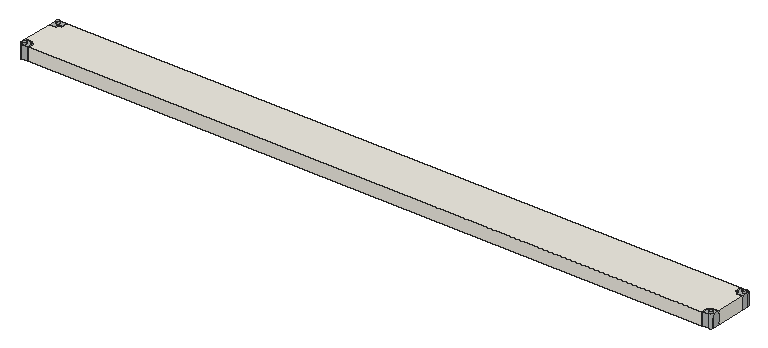
Revit family "HIGHTECH", category Осветительные приборы, Revit 2019 (continued)
Types (32, lengths in mm): name | Файл фотометрической сетки | built-in parameter 1150105 | Lumens | built-in parameter 1150106 | built-in parameter 1150142 | Wattage | Emit from Rectangle Width | Emit from Rectangle Length | Длина | Ширина | ADSK_Ток | ADSK_Полная мощность | ADSK_Обозначение | ADSK_Номинальная мощность | ADSK_Наименование | ADSK_Масса | ADSK_Код изделия
  Hightech-38/opal-sand 295х1195 (IP40, 4000К, белый) c БАП на 3 часа | "Светильник HIGHTECH-38 OPAL-SAND-(295x1195).ies" | 302.39 (stored number, unit not read) | 3800 lm | 3.0239 (stored number, unit not read) | "IESNA:LM-63-1995\r\n[TEST] Протокол №334/16 от 03.11.2016г. Испытательная лаборатория Государственного предприятия \"ЦСОТ НАН Беларуси\"\r\n[MORE] FFFFFFFD255B12BA015C13F525FB5F2F2\r\n[DATA] 02.11.2016\r\n[MANUFAC] ЗАО \"Центрстройсвет\"\r\n[LUMCAT] Светильник HIGHTECH-38/OPAL-SAND-(295X1195)\r\n[LUMINAIRE] офисное освещение\r\n[LAMP] \r\nTILT=NONE\r\n1    -1.0   1.000 91 181 1 2   0.295   1.195   0.04\r\n1.0  1.0   37.90\r\n0.0 2.0 4.0 6.0 8.0 10.0 12.0 14.0 16.0 18.0 20.0 22.0 24.0 26.0 28.0 30.0 32.0 34.0 36.0 38.0 40.0 42.0 44.0 46.0 48.0 50.0 52.0 54.0 56.0 58.0 60.0 62.0 64.0 66.0 68.0 70.0 72.0 74.0 76.0 78.0 80.0 82.0 84.0 86.0 88.0 90.0 92.0 94.0 96.0 98.0 100.0 102.0 104.0 106.0 108.0 110.0 112.0 114.0 116.0 118.0 120.0 122.0 124.0 126.0 128.0 130.0 132.0 134.0 136.0 138.0 140.0 142.0 144.0 146.0 148.0 150.0 152.0 154.0 156.0 158.0 160.0 162.0 164.0 166.0 168.0 170.0 172.0 174.0 176.0 178.0 180.0 \r\n0.0 2.0 4.0 6.0 8.0 10.0 12.0 14.0 16.0 18.0 20.0 22.0 24.0 26.0 28.0 30.0 32.0 34.0 36.0 38.0 40.0 42.0 44.0 46.0 48.0 50.0 52.0 54.0 56.0 58.0 60.0 62.0 64.0 66.0 68.0 70.0 72.0 74.0 76.0 78.0 80.0 82.0 84.0 86.0 88.0 90.0 92.0 94.0 96.0 98.0 100.0 102.0 104.0 106.0 108.0 110.0 112.0 114.0 116.0 118.0 120.0 122.0 124.0 126.0 128.0 130.0 132.0 134.0 136.0 138.0 140.0 142.0 144.0 146.0 148.0 150.0 152.0 154.0 156.0 158.0 160.0 162.0 164.0 166.0 168.0 170.0 172.0 174.0 176.0 178.0 180.0 182.0 184.0 186.0 188.0 190.0 192.0 194.0 196.0 198.0 200.0 202.0 204.0 206.0 208.0 210.0 212.0 214.0 216.0 218.0 220.0 222.0 224.0 226.0 228.0 230.0 232.0 234.0 236.0 238.0 240.0 242.0 244.0 246.0 248.0 250.0 252.0 254.0 256.0 258.0 260.0 262.0 264.0 266.0 268.0 270.0 272.0 274.0 276.0 278.0 280.0 282.0 284.0 286.0 288.0 290.0 292.0 294.0 296.0 298.0 300.0 302.0 304.0 306.0 308.0 310.0 312.0 314.0 316.0 318.0 320.0 322.0 324.0 326.0 328.0 330.0 332.0 334.0 336.0 338.0 340.0 342.0 344.0 346.0 348.0 350.0 352.0 354.0 356.0 358.0 360.0 \r\n1417.637 1416.354 1411.816 1405.303 1395.733 1384.288 1370.276 1353.307 1334.658 1313.741 1290.456 1264.901 1237.669 1208.563 1177.582 1144.923 1111.476 1076.252 \r\n1039.646 1001.857 963.476 923.417 883.260 842.018 801.072 758.644 716.317 673.693 630.576 587.064 543.749 500.435 457.614 414.891 371.972 330.137 289.191 248.836 209.765 171.778 \r\n133.693 99.653 67.389 36.901 9.077 0.592 0.592 0.592 0.493 0.493 0.493 0.493 0.493 0.493 0.493 0.493 0.395 0.395 0.395 0.395 0.395 0.395 0.395 0.296 0.296 0.296 0.296 0.296 0.296 0.296 0.296 0.197 \r\n0.197 0.197 0.197 0.197 0.197 0.197 0.197 0.098 0.098 0.098 0.098 0.098 0.098 0.098 0.098 0.000 0.000 0.000 0.000 \r\n1417.637 1416.453 1411.914 1405.402 1395.930 1384.583 1370.671 1353.701 1335.053 1314.234 1290.850 1265.395 1238.261 1209.155 1178.075 1145.515 1112.067 1076.844 \r\n1040.239 1002.548 964.167 924.207 883.951 842.708 801.762 759.336 717.008 674.383 631.267 587.755 544.441 501.126 458.206 415.385 372.465 330.631 289.585 249.231 210.160 172.172 \r\n134.088 99.949 67.685 37.198 9.275 0.592 0.592 0.592 0.493 0.493 0.493 0.493 0.493 0.493 0.493 0.493 0.395 0.395 0.395 0.395 0.395 0.395 0.395 0.296 0.296 0.296 0.296 0.296 0.296 0.296 0.296 0.197 \r\n0.197 0.197 0.197 0.197 0.197 0.197 0.197 0.098 0.098 0.098 0.098 0.098 0.098 0.098 0.098 0.000 0.000 0.000 0.000 \r\n1417.637 1416.453 1412.013 1405.600 1396.226 1384.781 1370.968 1354.095 1335.448 1314.629 1291.344 1265.888 1238.754 1209.648 1178.667 1146.206 1112.758 1077.534 \r\n1040.929 1003.140 964.857 924.898 884.740 843.400 802.453 760.026 717.698 674.976 631.859 588.446 545.032 501.718 458.798 415.977 373.057 331.124 290.079 249.625 210.553 172.567 \r\n134.383 100.245 67.883 37.394 9.472 0.592 0.592 0.592 0.493 0.493 0.493 0.493 0.493 0.493 0.493 0.493 0.395 0.395 0.395 0.395 0.395 0.395 0.395 0.296 0.296 0.296 0.296 0.296 0.296 0.296 0.296 0.197 \r\n0.197 0.197 0.197 0.197 0.197 0.197 0.197 0.098 0.098 0.098 0.098 0.098 0.098 0.098 0.098 0.000 0.000 0.000 0.000 \r\n1417.637 1416.551 1412.111 1405.796 1396.423 1385.077 1371.264 1354.391 1335.842 1315.024 1291.837 1266.382 1239.248 1210.240 1179.259 1146.798 1113.350 1078.126 \r\n1041.620 1003.831 965.548 925.588 885.431 844.090 803.143 760.717 718.389 675.666 632.549 589.038 545.723 502.310 459.390 416.569 373.550 331.617 290.474 250.119 210.948 172.863 \r\n134.679 100.541 68.178 37.591 9.669 0.592 0.592 0.592 0.493 0.493 0.493 0.493 0.493 0.493 0.493 0.493 0.395 0.395 0.395 0.395 0.395 0.395 0.395 0.296 0.296 0.296 0.296 0.296 0.296 0.296 0.296 0.197 \r\n0.197 0.197 0.197 0.197 0.197 0.197 0.197 0.098 0.098 0.098 0.098 0.098 0.098 0.098 0.098 0.000 0.000 0.000 0.000 \r\n1417.637 1416.551 1412.309 1405.895 1396.621 1385.373 1371.559 1354.786 1336.237 1315.419 1292.232 1266.875 1239.742 1210.733 1179.851 1147.390 1113.942 1078.816 \r\n1042.310 1004.521 966.238 926.279 886.121 844.879 803.834 761.408 719.080 676.357 633.240 589.728 546.315 502.902 459.982 417.062 374.043 332.110 290.967 250.513 211.343 173.258 \r\n135.074 100.837 68.376 37.888 9.965 0.592 0.592 0.592 0.493 0.493 0.493 0.493 0.493 0.493 0.493 0.493 0.395 0.395 0.395 0.395 0.395 0.395 0.395 0.296 0.296 0.296 0.296 0.296 0.296 0.296 0.296 0.197 \r\n0.197 0.197 0.197 0.197 0.197 0.197 0.197 0.098 0.098 0.098 0.098 0.098 0.098 0.098 0.098 0.000 0.000 0.000 0.000 \r\n1417.637 1416.650 1412.407 1406.093 1396.917 1385.669 1371.954 1355.181 1336.632 1315.912 1292.725 1267.368 1240.334 1211.325 1180.443 1147.982 1114.633 1079.409 \r\n1042.903 1005.212 966.929 926.969 886.812 845.569 804.524 762.098 719.770 677.048 633.832 590.320 546.907 503.494 460.574 417.654 374.636 332.603 291.460 250.908 211.738 173.653 \r\n135.371 101.133 68.671 38.086 10.163 0.592 0.592 0.592 0.493 0.493 0.493 0.493 0.493 0.493 0.493 0.493 0.395 0.395 0.395 0.395 0.395 0.395 0.395 0.296 0.296 0.296 0.296 0.296 0.296 0.296 0.296 0.197 \r\n0.197 0.197 0.197 0.197 0.197 0.197 0.197 0.098 0.098 0.098 0.098 0.098 0.098 0.098 0.098 0.000 0.000 0.000 0.000 \r\n1417.637 1416.650 1412.506 1406.191 1397.114 1385.866 1372.250 1355.576 1337.027 1316.307 1293.218 1267.861 1240.827 1211.918 1181.035 1148.672 1115.225 1080.099 \r\n1043.593 1005.902 967.620 927.660 887.503 846.260 805.215 762.789 720.461 677.739 634.523 591.011 547.598 504.086 461.166 418.247 375.129 333.098 291.855 251.401 212.132 173.948 \r\n135.666 101.429 68.968 38.381 10.360 0.592 0.592 0.592 0.493 0.493 0.493 0.493 0.493 0.493 0.493 0.493 0.395 0.395 0.395 0.395 0.395 0.395 0.395 0.296 0.296 0.296 0.296 0.296 0.296 0.296 0.296 0.197 \r\n0.197 0.197 0.197 0.197 0.197 0.197 0.197 0.098 0.098 0.098 0.098 0.098 0.098 0.098 0.098 0.000 0.000 0.000 0.000 \r\n1417.637 1416.650 1412.604 1406.389 1397.311 1386.162 1372.546 1355.871 1337.421 1316.701 1293.613 1268.355 1241.320 1212.411 1181.627 1149.265 1115.816 1080.691 \r\n1044.284 1006.593 968.212 928.351 888.194 846.951 805.906 763.479 721.151 678.429 635.213 591.702 548.190 504.777 461.758 418.740 375.721 333.591 292.348 251.796 212.527 174.343 \r\n135.962 101.627 69.165 38.579 10.557 0.592 0.592 0.592 0.493 0.493 0.493 0.493 0.493 0.493 0.493 0.395 0.395 0.395 0.395 0.395 0.395 0.395 0.395 0.296 0.296 0.296 0.296 0.296 0.296 0.296 0.296 0.197 \r\n0.197 0.197 0.197 0.197 0.197 0.197 0.197 0.098 0.098 0.098 0.098 0.098 0.098 0.098 0.098 0.000 0.000 0.000 0.000 \r\n1417.637 1416.749 1412.704 1406.586 1397.607 1386.458 1372.941 1356.266 1337.815 1317.095 1294.106 1268.848 1241.813 1213.003 1182.219 1149.856 1116.409 1081.382 \r\n1044.876 1007.283 968.902 929.042 888.885 847.642 806.597 764.170 721.843 679.120 635.806 592.293 548.881 505.368 462.351 419.332 376.214 334.084 292.841 252.191 212.922 174.738 \r\n136.357 101.922 69.461 38.776 10.853 0.592 0.592 0.592 0.493 0.493 0.493 0.493 0.493 0.493 0.493 0.395 0.395 0.395 0.395 0.395 0.395 0.395 0.395 0.296 0.296 0.296 0.296 0.296 0.296 0.296 0.296 0.197 \r\n0.197 0.197 0.197 0.197 0.197 0.197 0.197 0.098 0.098 0.098 0.098 0.098 0.098 0.098 0.098 0.000 0.000 0.000 0.000 \r\n1417.637 1416.749 1412.802 1406.684 1397.805 1386.754 1373.237 1356.661 1338.210 1317.589 1294.599 1269.341 1242.406 1213.496 1182.811 1150.448 1117.099 1081.974 \r\n1045.566 1007.974 969.593 929.732 889.575 848.333 807.287 764.861 722.533 679.712 636.496 592.985 549.472 505.960 462.942 419.825 376.707 334.577 293.236 252.684 213.317 175.034 \r\n136.652 102.218 69.659 39.072 11.051 0.592 0.592 0.592 0.493 0.493 0.493 0.493 0.493 0.493 0.493 0.395 0.395 0.395 0.395 0.395 0.395 0.395 0.395 0.296 0.296 0.296 0.296 0.296 0.296 0.296 0.296 0.197 \r\n0.197 0.197 0.197 0.197 0.197 0.197 0.197 0.098 0.098 0.098 0.098 0.098 0.098 0.098 0.098 0.000 0.000 0.000 0.000 \r\n1417.637 1416.848 1412.901 1406.882 1398.002 1387.051 1373.533 1356.957 1338.605 1317.983 1294.994 1269.834 1242.899 1214.089 1183.403 1151.041 1117.692 1082.665 \r\n1046.257 1008.566 970.284 930.423 890.266 849.121 807.978 765.552 723.224 680.403 637.187 593.675 550.163 506.553 463.534 420.416 377.300 335.071 293.729 253.079 213.712 175.429 \r\n136.949 102.515 69.954 39.269 11.248 0.592 0.592 0.592 0.493 0.493 0.493 0.493 0.493 0.493 0.493 0.395 0.395 0.395 0.395 0.395 0.395 0.395 0.395 0.296 0.296 0.296 0.296 0.296 0.296 0.296 0.296 0.197 \r\n0.197 0.197 0.197 0.197 0.197 0.197 0.197 0.098 0.098 0.098 0.098 0.098 0.098 0.098 0.098 0.000 0.000 0.000 0.000 \r\n1417.637 1416.848 1412.999 1407.079 1398.298 1387.247 1373.829 1357.352 1339.000 1318.378 1295.488 1270.327 1243.392 1214.680 1183.995 1151.731 1118.283 1083.257 \r\n1046.849 1009.257 970.975 931.113 891.055 849.813 808.668 766.242 723.914 681.093 637.779 594.266 550.755 507.145 464.126 421.009 377.793 335.564 294.222 253.474 214.105 175.823 \r\n137.343 102.810 70.250 39.467 11.445 0.592 0.592 0.592 0.493 0.493 0.493 0.493 0.493 0.493 0.493 0.395 0.395 0.395 0.395 0.395 0.395 0.395 0.395 0.296 0.296 0.296 0.296 0.296 0.296 0.296 0.296 0.197 \r\n0.197 0.197 0.197 0.197 0.197 0.197 0.197 0.098 0.098 0.098 0.098 0.098 0.098 0.098 0.098 0.000 0.000 0.000 0.000 \r\n1417.637 1416.946 1413.098 1407.178 1398.495 1387.544 1374.223 1357.747 1339.395 1318.773 1295.882 1270.822 1243.886 1215.174 1184.587 1152.323 1118.974 1083.848 \r\n1047.540 1009.947 971.665 931.903 891.746 850.503 809.359 766.933 724.507 681.784 638.470 594.958 551.445 507.836 464.718 421.502 378.287 336.057 294.617 253.967 214.500 176.119 \r\n137.640 103.106 70.447 39.762 11.741 0.592 0.592 0.592 0.493 0.493 0.493 0.493 0.493 0.493 0.493 0.395 0.395 0.395 0.395 0.395 0.395 0.395 0.395 0.296 0.296 0.296 0.296 0.296 0.296 0.296 0.296 0.197 \r\n0.197 0.197 0.197 0.197 0.197 0.197 0.197 0.098 0.098 0.098 0.098 0.098 0.098 0.098 0.098 0.000 0.000 0.000 0.000 \r\n1417.637 1416.946 1413.197 1407.376 1398.693 1387.839 1374.520 1358.042 1339.789 1319.168 1296.376 1271.315 1244.477 1215.765 1185.179 1152.915 1119.566 1084.539 \r\n1048.230 1010.638 972.356 932.594 892.436 851.194 810.050 767.623 725.197 682.474 639.160 595.649 552.038 508.427 465.310 422.094 378.878 336.550 295.111 254.362 214.895 176.514 \r\n137.935 103.403 70.744 39.960 11.939 0.592 0.592 0.592 0.493 0.493 0.493 0.493 0.493 0.493 0.493 0.395 0.395 0.395 0.395 0.395 0.395 0.395 0.395 0.296 0.296 0.296 0.296 0.296 0.296 0.296 0.296 0.197 \r\n0.197 0.197 0.197 0.197 0.197 0.197 0.197 0.098 0.098 0.098 0.098 0.098 0.098 0.098 0.098 0.000 0.000 0.000 0.000 \r\n1417.637 1417.044 1413.295 1407.474 1398.890 1388.135 1374.815 1358.437 1340.184 1319.661 1296.869 1271.808 1244.971 1216.258 1185.673 1153.507 1120.158 1085.131 \r\n1048.823 1011.329 973.046 933.284 893.127 851.884 810.741 768.314 725.888 683.165 639.752 596.240 552.728 509.019 465.902 422.686 379.371 337.044 295.505 254.757 215.388 176.909 \r\n138.232 103.698 70.942 40.157 12.136 0.592 0.592 0.592 0.493 0.493 0.493 0.493 0.493 0.493 0.493 0.395 0.395 0.395 0.395 0.395 0.395 0.395 0.395 0.296 0.296 0.296 0.296 0.296 0.296 0.296 0.296 0.197 \r\n0.197 0.197 0.197 0.197 0.197 0.197 0.197 0.098 0.098 0.098 0.098 0.098 0.098 0.098 0.098 0.000 0.000 0.000 0.000 \r\n1417.637 1417.044 1413.394 1407.671 1399.187 1388.333 1375.111 1358.832 1340.578 1320.056 1297.264 1272.301 1245.464 1216.851 1186.264 1154.099 1120.849 1085.822 \r\n1049.513 1012.020 973.737 933.975 893.818 852.575 811.432 769.004 726.578 683.855 640.443 596.930 553.321 509.611 466.494 423.180 379.964 337.537 295.999 255.250 215.783 177.304 \r\n138.626 103.994 71.237 40.453 12.333 0.592 0.592 0.592 0.493 0.493 0.493 0.493 0.493 0.493 0.493 0.395 0.395 0.395 0.395 0.395 0.395 0.395 0.395 0.296 0.296 0.296 0.296 0.296 0.296 0.296 0.296 0.197 \r\n0.197 0.197 0.197 0.197 0.197 0.197 0.197 0.098 0.098 0.098 0.098 0.098 0.098 0.098 0.098 0.000 0.000 0.000 0.000 \r\n1417.637 1417.143 1413.492 1407.869 1399.383 1388.629 1375.506 1359.226 1340.973 1320.451 1297.757 1272.795 1246.056 1217.443 1186.856 1154.790 1121.441 1086.414 \r\n1050.204 1012.711 974.428 934.665 894.508 853.365 812.122 769.695 727.269 684.448 641.134 597.523 554.011 510.203 467.086 423.772 380.457 338.031 296.492 255.645 216.178 177.599 \r\n138.922 104.291 71.533 40.650 12.629 0.592 0.592 0.592 0.493 0.493 0.493 0.493 0.493 0.493 0.493 0.395 0.395 0.395 0.395 0.395 0.395 0.395 0.395 0.296 0.296 0.296 0.296 0.296 0.296 0.296 0.296 0.197 \r\n0.197 0.197 0.197 0.197 0.197 0.197 0.197 0.098 0.098 0.098 0.098 0.098 0.098 0.098 0.098 0.000 0.000 0.000 0.000 \r\n1417.637 1417.143 1413.592 1407.967 1399.580 1388.925 1375.803 1359.523 1341.367 1320.845 1298.250 1273.288 1246.550 1217.936 1187.448 1155.382 1122.032 1087.105 \r\n1050.894 1013.401 975.119 935.356 895.199 854.055 812.813 770.386 727.959 685.138 641.725 598.213 554.603 510.795 467.678 424.265 380.951 338.524 296.887 256.038 216.573 177.994 \r\n139.218 104.586 71.730 40.848 12.826 0.592 0.592 0.493 0.493 0.493 0.493 0.493 0.493 0.493 0.493 0.395 0.395 0.395 0.395 0.395 0.395 0.395 0.395 0.296 0.296 0.296 0.296 0.296 0.296 0.296 0.296 0.197 \r\n0.197 0.197 0.197 0.197 0.197 0.197 0.197 0.098 0.098 0.098 0.098 0.098 0.098 0.098 0.098 0.000 0.000 0.000 0.000 \r\n1417.637 1417.242 1413.690 1408.165 1399.877 1389.220 1376.098 1359.917 1341.762 1321.339 1298.645 1273.781 1247.043 1218.528 1188.041 1155.974 1122.723 1087.697 \r\n1051.487 1013.993 975.810 936.046 895.889 854.746 813.503 771.077 728.650 685.829 642.416 598.904 555.294 511.486 468.270 424.857 381.542 339.018 297.380 256.533 216.967 178.389 \r\n139.613 104.882 72.026 41.143 13.024 0.592 0.592 0.493 0.493 0.493 0.493 0.493 0.493 0.493 0.493 0.395 0.395 0.395 0.395 0.395 0.395 0.395 0.395 0.296 0.296 0.296 0.296 0.296 0.296 0.296 0.296 0.197 \r\n0.197 0.197 0.197 0.197 0.197 0.197 0.197 0.098 0.098 0.098 0.098 0.098 0.098 0.098 0.098 0.000 0.000 0.000 0.000 \r\n1417.637 1417.242 1413.789 1408.362 1400.075 1389.517 1376.394 1360.311 1342.157 1321.733 1299.138 1274.274 1247.536 1219.022 1188.632 1156.566 1123.315 1088.388 \r\n1052.177 1014.684 976.500 936.738 896.581 855.436 814.194 771.768 729.341 686.519 643.107 599.496 555.885 512.078 468.862 425.449 382.035 339.511 297.873 256.926 217.362 178.685 \r\n139.909 105.079 72.223 41.341 13.221 0.592 0.592 0.493 0.493 0.493 0.493 0.493 0.493 0.493 0.493 0.395 0.395 0.395 0.395 0.395 0.395 0.395 0.395 0.296 0.296 0.296 0.296 0.296 0.296 0.296 0.296 0.197 \r\n0.197 0.197 0.197 0.197 0.197 0.197 0.197 0.098 0.098 0.098 0.098 0.098 0.098 0.098 0.098 0.000 0.000 0.000 0.000 \r\n1417.637 1417.341 1413.986 1408.461 1400.271 1389.715 1376.789 1360.608 1342.552 1322.128 1299.632 1274.768 1248.128 1219.614 1189.224 1157.256 1123.907 1088.980 \r\n1052.868 1015.374 977.191 937.428 897.369 856.127 814.884 772.458 730.032 687.211 643.698 600.187 556.577 512.670 469.454 425.942 382.529 340.004 298.268 257.321 217.756 179.080 \r\n140.204 105.376 72.520 41.538 13.517 0.592 0.592 0.493 0.493 0.493 0.493 0.493 0.493
